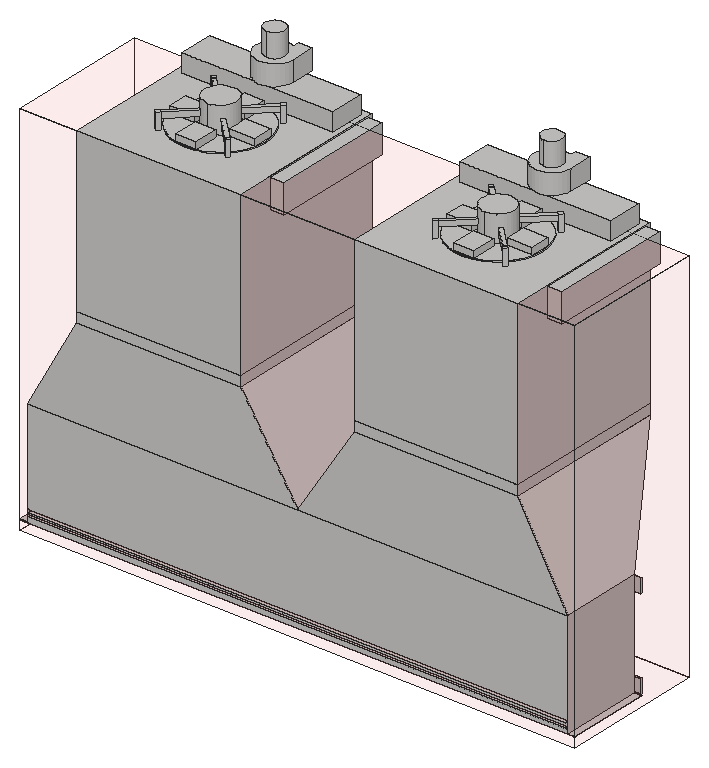
Revit family "Air-Curtain_Industrial_PoweredAire_Gas-Indirect-2Heater", category Mechanical Equipment, host Face, Revit 2022
Family settings
  Host = Face
  Round Connector Dimension = Use Diameter
  Part Type = Normal
  OmniClass Number = 23.75.35.17.21
  OmniClass Title = Air Curtains
  Cut with Voids When Loaded = No
  Maintain Annotation Orientation = No
  Shared = No
  Room Calculation Point = No
Parameters
  topbracket [instance] = Unit Height = 1' 4 3/4"  # yes
  Warranty Duration (Years) = 0
  Unit Width Notes = "Other Widths available."  # constant formula
  Unit Width = 9' - 3 5/32"
  Unit Weight = 0
  Unit Height = 1' - 4 3/4"
  Unit Depth = 1' - 9 1/4"
  URL = "http://www.poweredaire.com/"
  Test Data = ""
  Standards Conformance = "as Specified"
  Specification = "http://www.arcat.com/sdspecs/htm04/23_34_33pai.htm"
  SpecWizard = ""
  Sound Pressure = "as Specified"
  Sales Information = "http://www.poweredaire.com/contact_us"
  Revision = "R1_2016-08"
  Projection from Host [instance] = 0' - 2"
  Product Properties = ""
  Product Data = "http://www.arcat.com/arcatcos/cos47/arc47623.html"
  Power Rating = 0 W
  Piping_Operating Pressure [instance] = 0.00 psi
  Pipe OD [instance] = 5/8"
  Overall Depth = 6' - 1 3/4"
  Nozzle Width = if(1 = 1, Unit Width - 0' 3", 0' 0")  # 9' - 0 5/32"
  Mounting Width = if(1 = 1, Unit Width - 0' 1 1/2", 0' 0")  # 9' - 1 21/32"
  Mounting Height [instance] = 3' - 6"
  Motor RPM = 0
  Motor HP = 0
  Motor Count = 0
  Model = "As Specified"
  Max Height = 0' - 0"
  Manufacturer Website = "http://www.poweredaire.com/"
  Manufacturer Phone - Toll Free = "888-321-2473"
  Manufacturer Phone = "724-588-3305"
  Manufacturer Fax = "724-588-3371"
  Manufacturer Address = "109 Mortensen Rd.  Greenville, PA 16125"
  Manufacturer = "Powered Aire, Inc"
  Maintenance Schedule (Months) = 0
  Keynote = "23 34 33"
  Installation-Fabrication = ""
  Installation Phase = ""
  Include Clearance [instance] = yes
  Heating Element Load = 0 W
  Heater Weight = 0
  Heater Hanging Width = 2' - 6 5/8"
  Heater Finish [instance] = Metal - Steel - PoweredAire - Stainless 304
  HVAC_Temperature Rise = 0 °F
  HVAC_Primary CFM = 0 CFM
  HVAC_Outlet Volume = 0 CFM
  HVAC_Outlet Velocity Uniformity = 0
  HVAC_Outlet Velocity = 0 FPM
  HVAC_Exit Temperature [instance] = 0 °F
  HVAC_BTU Output = 0.0 Btu/h
  HVAC_BTU Input = 0.0 Btu/h
  Green Building-LEED = "http://www.arcat.com/green/clients/leed_data_47623.html"
  Gas Connection Diameter [instance] = 0"
  Frame Finish [instance] = Metal - Steel - PoweredAire - Stainless 304
  Expected Lifespan (Years) = 0
  Exhaust Connection Diameter = 0' - 5"
  Electrical_Wattage [instance] = Power Rating + Heating Element Load  # 0 W
  Electrical_Voltage [instance] = 0 V
  Electrical_Phase [instance] = 1
  Electrical_Frequency [instance] = 0 Hz
  Electrical_Amperage [instance] = 0 A
  Drawn By = "Sumex Design, Inc. / Robert S. Weygant, CSI, CDT, SCIP"
  Description = "Powered Aire Air Curtain as Specified"
  Default Elevation = 0' - 0"  # constant formula
  Copyright = "©Arcat Inc."
  Construction Details = "http://www.arcat.com/details/powair/prod3336.html"
  Clearance_Top [instance] = 1' - 0"
  Clearance_Side B [instance] = 0' - 0"
  Clearance_Side A [instance] = 0' - 0"
  Clearance_Intake [instance] = 0' - 0"
  Clearance_Bottom [instance] = 0' - 0"
  Clearance Material [instance] = ARCAT Clearance
  Building Codes = ""
  Available Options [instance] = "as Specified"
  Assembly Code = "D3090400"
Reference planes (in)
  plane 1 "Center (Elevation)": y = 0.13818
  plane 2: z = 0
  plane 3 "Center (Left/Right)": x = 0
  plane 4 "Top": y = 8.51318
  plane 5: y = -8.23682
  plane 6: x = -55.57812
  plane 7: x = 55.57813
  plane 8 "Front": z = 23.25
  plane 9 "FF": y = -41.86182
  plane 10: z = 2
  plane 11: x = 54.07813
  plane 12: x = -54.07812
  plane 13: y = 20.51318
  plane 14: y = -8.23682
  plane 15: x = -55.57812
  plane 16: x = 55.57813
  plane 17: z = 75.75
  plane 18: x = 54.01563
  plane 19: x = -54.01562
  plane 20: x = 54.07813
  plane 21: x = 54.07813
  plane 22: y = 6.01318
  plane 23: y = -5.73682
  plane 24: z = 75.75
  plane 25: z = 43.25
  plane 26: z = 41.25
  plane 27: x = -43.10156
  plane 28: x = -12.47656
  plane 29: x = -44.16406
  plane 30: x = -11.41406
  plane 31: x = 12.47656
  plane 32: x = 43.10156
  plane 33: x = 11.41406
  plane 34: x = 44.16406
  plane 35: x = -27.78906
  plane 36: x = 27.78906
Forms (in)
  Extrusion 1, solid, material "Metal - Steel - PoweredAire - Stainless 304" <- "Frame Finish"
    sketch origin (0, 0, 0) x (0, 1, 0) y (0, 0, 1)
      loop
        line (-8.23682, 2) -> (8.51318, 2) -> (8.51318, 23.25) -> (-8.23682, 23.25) -> (-8.23682, 2)
    from -54.07813 to 54.07812
  Extrusion 2, solid, material "ARCAT Clearance" <- "Clearance Material", visible <- "Include Clearance"
    sketch origin (0, 0, 0) x (0, 1, 0) y (0, 0, 1)
      loop
        line (-8.23682, 75.75) -> (-8.23682, 0) -> (20.51318, 0) -> (20.51318, 75.75) -> (-8.23682, 75.75)
    from -55.57812 to 55.57812
  Extrusion 3, solid, material "Metal - Steel - PoweredAire - Stainless 304" <- "Frame Finish"
    sketch origin (-15.17702, -180, 2) x (-1, 0, 0) y (0, -1, 0)
      loop
        line (-69.25515, -188.51318) -> (-69.25515, -171.76318) -> (-70.75515, -171.76318) -> (-70.75515, -188.51318) -> (-69.25515, -188.51318)
      loop
        line (38.9011, -188.51318) -> (40.4011, -188.51318) -> (40.4011, -171.76318) -> (38.9011, -171.76318) -> (38.9011, -188.51318)
    from 0 to 0.125
  Extrusion 4, solid, material "Metal - Steel - PoweredAire - Stainless 304" <- "Frame Finish", visible <- "topbracket"
    sketch origin (-11.83813, 8.51318, 48) x (-1, 0, 0) y (0, 0, 1)
      loop
        line (-65.91625, -45.5) -> (-65.91625, -42.75) -> (-67.41625, -42.75) -> (-67.41625, -45.5) -> (-65.91625, -45.5)
      loop
        line (-65.91625, -27.5) -> (-65.91625, -24.75) -> (-67.41625, -24.75) -> (-67.41625, -27.5) -> (-65.91625, -27.5)
      loop
        line (42.24, -45.5) -> (43.74, -45.5) -> (43.74, -42.75) -> (42.24, -42.75) -> (42.24, -45.5)
      loop
        line (42.24, -27.5) -> (43.74, -27.5) -> (43.74, -24.75) -> (42.24, -24.75) -> (42.24, -27.5)
    from 0 to -0.125
  Extrusion 5, void
    sketch origin (0, 0, 0) x (0, 1, 0) y (0, 0, 1)
      loop
        line (-8.23682, 3) -> (-7.23682, 3) -> (-7.23682, 4.5) -> (-8.23682, 4.5) -> (-8.23682, 3.82425) -> (-7.38364, 3.82425) -> (-7.38364, 3.57425) -> (-8.23682, 3.57425) -> (-8.23682, 3)
    from -54.01563 to 54.01562
  Blend 6, solid, material "Metal - Steel - PoweredAire - Stainless 304" <- "Frame Finish"
    base sketch origin (-15.17702, -180, 23.25) x (-1, 0, 0) y (0, -1, 0)
      loop
        line (38.9011, -188.51318) -> (38.9011, -171.76318) -> (-15.17702, -171.76318) -> (-15.17702, -188.51318) -> (38.9011, -188.51318)
    top sketch origin (-15.17702, -180, 23.25) x (-1, 0, 0) y (0, -1, 0)
      loop
        line (28.98704, -171.76318) -> (-3.76296, -171.76318) -> (-3.76296, -204.76318) -> (28.98704, -204.76318) -> (28.98704, -171.76318)
    from 0 to 18
  Blend 7, solid, material "Metal - Steel - PoweredAire - Stainless 304" <- "Frame Finish"
    base sketch origin (15.17702, -180, 23.25) x (1, 0, 0) y (0, 1, 0)
      loop
        line (38.9011, 188.51318) -> (-15.17702, 188.51318) -> (-15.17702, 171.76318) -> (38.9011, 171.76318) -> (38.9011, 188.51318)
    top sketch origin (15.17702, -180, 23.25) x (1, 0, 0) y (0, 1, 0)
      loop
        line (28.98704, 171.76318) -> (28.98704, 204.76318) -> (-3.76296, 204.76318) -> (-3.76296, 171.76318) -> (28.98704, 171.76318)
    from 0 to 18
Cuts and joins
  Extrusion 5 cuts Extrusion 1
Dimensions and locks (in)
  equal spacing: plane 4 "Top", plane 1 "Center (Elevation)", plane 5
  "Unit Height": plane 4 "Top" to plane 5
  "Unit Width": plane 6 to plane 7
  "Mounting Height": plane 1 "Center (Elevation)" to plane 9 "FF"
  "Projection from Host": plane 10 to level
  "Unit Depth": plane 8 "Front" to plane 10
  locked: plane 6 to plane 12 at 1.5
  locked: plane 11 to plane 7 at 1.5
  "Clearance_Side A": plane 7 to plane 16
  "Clearance_Side B": plane 15 to plane 6
  "Clearance_Top": plane 13 to plane 4 "Top"
  "Clearance_Bottom": plane 5 to plane 14
  "Clearance_Intake": plane 17 to plane 24
  Extrusion 5 sketch curve to Extrusion 5 sketch curve to Extrusion 5 sketch curve to Extrusion 5 sketch curve to plane 10 = 0' - 0.67575" locked, 0' - 0 1/4" locked, 0' - 0.57425" locked, 0' - 1" locked
  plane 5 to Extrusion 5 sketch curve to Extrusion 5 sketch curve = 0' - 0.85319" locked, 0' - 0.14681" locked
  locked: plane 19 to plane 12 at 0.0625
  locked: plane 11 to plane 18 at 0.0625
  locked: plane 20 to plane 11
  locked: plane 21 to plane 11
  locked: plane 4 "Top" to plane 22 at 2.5
  locked: plane 23 to plane 5 at 2.5
  "Overall Depth": plane 24 to plane 10
  locked: plane 25 to plane 26 at 2
  locked: plane 24 to plane 25 at 32.5
  locked: Blend 6 sketch curve to plane 5 at 33
  Extrusion 4 sketch curve to Extrusion 4 sketch curve to plane 10 = 0' - 2 3/4" locked, 0' - 0 1/2" locked  (x2)
  plane 8 "Front" to Extrusion 4 sketch curve to Extrusion 4 sketch curve = 0' - 0" locked, 0' - 2 3/4" locked  (x2)
  locked: plane 28 to plane 30 at 1.0625
  locked: plane 29 to plane 27 at 1.0625
  locked: plane 32 to plane 34 at 1.0625
  locked: plane 33 to plane 31 at 1.0625
  equal spacing: plane 6, plane 35, plane 3 "Center (Left/Right)", plane 36, plane 7
  equal spacing: plane 27, plane 35, plane 28
  "Heater Hanging Width": plane 27 to plane 28
  equal spacing: plane 31, plane 36, plane 32
  "Heater Hanging Width": plane 31 to plane 32
  locked: Blend 7 sketch curve to plane 5 at 33
  aligned and locked: plane 2 to host face
  aligned and locked: level to host face
  aligned and locked: Extrusion 2 sketch curve to plane 17
  aligned and locked: plane 14 to Extrusion 2 sketch curve
  aligned and locked: level to Extrusion 2 sketch curve
  aligned and locked: Extrusion 2 sketch curve to plane 13
  aligned and locked: plane 16 to Extrusion 2
  aligned and locked: Extrusion 2 to plane 15
  aligned and locked: plane 11 to Extrusion 1
  aligned and locked: Extrusion 1 to plane 12
  aligned and locked: Extrusion 1 sketch curve to plane 8 "Front"
  aligned and locked: plane 24 to nested 1
  aligned and locked: plane 5 to Blend 6 sketch curve
  aligned and locked: plane 12 to Blend 6 sketch curve
  aligned and locked: Blend 6 sketch curve to plane 4 "Top"
  aligned and locked: Blend 6 sketch curve to plane 5
  aligned and locked: plane 26 to Blend 6
  aligned and locked: plane 35 to nested 1
  aligned and locked: plane 36 to nested 2
  aligned and locked: plane 24 to nested 2
  aligned and locked: Blend 6 sketch curve to plane 3 "Center (Left/Right)"
  aligned and locked: Blend 6 sketch curve to plane 29
  aligned and locked: plane 30 to Blend 6 sketch curve
  aligned and locked: Blend 7 sketch curve to plane 5  (x2)
  aligned and locked: Blend 7 sketch curve to plane 3 "Center (Left/Right)"
  aligned and locked: plane 11 to Blend 7 sketch curve
  aligned and locked: Blend 7 sketch curve to plane 4 "Top"
  aligned and locked: plane 33 to Blend 7 sketch curve
  aligned and locked: Blend 7 sketch curve to plane 34
  aligned and locked: plane 18 to cut or joined group of Extrusion 1, Extrusion 5
  aligned and locked: cut or joined group of Extrusion 1, Extrusion 5 to plane 19
Automatic sketch dimensions
  host sketch curve to host sketch curve = 8' - 0"  (x2)
  Extrusion 1 sketch curve to plane 5 = 0' - 0"
  Extrusion 1 sketch curve to plane 4 "Top" = 0' - 0"
  Extrusion 1 sketch curve to plane 10 = 0' - 0"
  plane 4 "Top" to Extrusion 3 sketch curve = 0' - 0"
  Extrusion 3 sketch curve to plane 7 = 0' - 0"
  plane 5 to Extrusion 3 sketch curve = 0' - 0"
  Extrusion 3 sketch curve to plane 11 = 0' - 0"
  Extrusion 3 sketch curve to plane 4 "Top" = 0' - 0"
  Extrusion 3 sketch curve to plane 12 = 0' - 0"
  Extrusion 3 sketch curve to plane 6 = 0' - 0"
  Extrusion 3 sketch curve to plane 5 = 0' - 0"
  Extrusion 4 sketch curve to plane 7 = 0' - 0"  (x2)
  Extrusion 4 sketch curve to plane 11 = 0' - 0"  (x2)
  Extrusion 4 sketch curve to plane 12 = 0' - 0"  (x2)
  Extrusion 4 sketch curve to plane 6 = 0' - 0"  (x2)
  Extrusion 5 sketch curve to plane 5 = 0' - 0"  (x2)
Nested families (in)
  nested 1: "Heater" at (-27.78906, -8.23682, 43.2987) x (1, 0, 0) z (0, 1, 0), finish <- "Heater Finish", burner width <- "Heater Hanging Width", type "Heater"
    with finish Metal - Steel - PoweredAire - Stainless 304, burner width 2' - 6 5/8", Two Fan no, One Fan yes
  nested 2: "Heater" at (27.78906, -8.23682, 43.2987) x (1, 0, 0) z (0, 1, 0), finish <- "Heater Finish", burner width <- "Heater Hanging Width", type "Heater"
    with finish Metal - Steel - PoweredAire - Stainless 304, burner width 2' - 6 5/8", Two Fan no, One Fan yes
Connectors (in)
  electrical at (-54.07812, 0.13818, 12.625), driven by "Electrical_Voltage", driven by "Electrical_Phase"
    settings: on cut or joined group of Extrusion 1, Extrusion 5, index 3, voltage 0 V, apparent load 0 VA, apparent load phase1 0 VA, apparent load phase2 0 VA, apparent load phase3 0 VA, power factor 1, load classification "Motor", number of poles 1, system type 31, power factor state 1, is connector primary yes, connector utility no, sub classification motor no, connector description ""
  hvac at (-24.78906, 24.76318, 81.40625), driven by "Exhaust Connection Diameter", driven by "HVAC_Primary CFM"
    settings: on nested 1, index 4, duct flow 0 CFM, flow factor 0, pres drop 0.00 in-wg, loss coef 0, conn angle 0.00°, conn width 12", conn height 12", conn diameter 5", duct sys type 3, conn prof type 0, flow config 0, flow direction 2, loss method 0, conn ref index -1, conn util no, is conn primary yes, conn desc ""
  hvac at (30.78906, 24.76318, 81.40625), driven by "HVAC_Primary CFM", driven by "Exhaust Connection Diameter"
    settings: on nested 2, index 5, duct flow 0 CFM, flow factor 0, pres drop 0.00 in-wg, loss coef 0, conn angle 0.00°, conn width 12", conn height 12", conn diameter 5", duct sys type 3, conn prof type 0, flow config 0, flow direction 2, loss method 0, conn ref index -1, conn util no, is conn primary no, conn desc ""
Definition of nested family "Heater"
  Parameters
    finish [instance] = none
    burner width [instance] = 4' - 0 5/8"
    burner depth = 3' - 8 3/4"
    Two Fan [instance] = burner width > 4' 0"  # yes
    One Fan [instance] = burner width < 4' 0"  # no
    Default Elevation = 0' - 0"  # constant formula
  Reference planes (in)
    plane 1 "Center (Front/Back)": y = 0
    plane 2: z = 0
    plane 3 "Center (Left/Right)": x = 0
    plane 4: x = -25.375
    plane 5: x = 25.375
    plane 6: z = 33
    plane 7: y = -44.75
    plane 8: x = 3
    plane 9: x = 4.375
    plane 10: x = -12.6875
    plane 11: x = 12.6875
    plane 12: z = 15.5
    plane 13: x = -24.3125
    plane 14: x = 24.3125
  Forms (in)
    Extrusion 1, solid, material <- "finish"
      sketch origin (-74.94554, -3, 38.65968) x (0, 0, 1) y (1, 0, 0)
        loop
          line (-5.65968, 49.57054) -> (-5.65968, 100.32054) -> (-38.65968, 100.32054) -> (-38.65968, 49.57054) -> (-5.65968, 49.57054)
      from 3 to -29.4513
    Extrusion 2, solid, material <- "finish"
      sketch origin (0, 0, 0) x (0, 1, 0) y (0, 0, 1)
        loop
          line (2, 0) -> (2, 33) -> (0, 33) -> (0, 0) -> (2, 0)
      from -25.375 to 25.375
    Extrusion 3, solid, material <- "finish"
      sketch origin (-74.94554, -32.4513, 38.65968) x (0, 0, 1) y (1, 0, 0)
        loop
          line (-6.91591, 50.82971) -> (-6.91591, 99.10844) -> (-13.91591, 99.10844) -> (-13.91591, 50.82971) -> (-6.91591, 50.82971)
      from 0 to -3.625
    Extrusion 4, solid, material <- "finish"
      sketch origin (-74.94554, -36.0763, 38.65968) x (0, 0, 1) y (1, 0, 0)
        loop
          arc (-10.4052, 79.32054) -> (-12.67312, 72.60509) -> (-6.79809, 76.57054) r 3.74068
          line (-6.79809, 76.57054) -> (-5.65968, 76.57054) -> (-5.65968, 79.32054) -> (-10.4052, 79.32054)
      from 0 to -4.0625
    Extrusion 5, solid, material <- "finish"
      sketch origin (-73.58006, -40.1388, 35.52564) x (0, 0, -1) y (1, 0, 0)
        loop
          circle (7.27116, 74.21438) r 2
      from 4.6112 to 0
    Extrusion 6, solid, material <- "finish"
      sketch origin (0, 0, 0) x (1, 0, 0) y (0, 1, 0)
        loop
          line (28.3125, -32.4513) -> (28.3125, -26.7013) -> (25.3125, -26.7013) -> (25.3125, -32.4513) -> (28.3125, -32.4513)
      from 7.25 to 31.75
    Extrusion 7, solid, material <- "finish", visible <- "Two Fan"
      sketch origin (0, 0, 0) x (0, 1, 0) y (0, 0, 1)
        loop
          line (-32.4513, 6.22268) -> (-44.15658, 5.1986) -> (-44.15658, 4.4486) -> (-32.4513, 4.85736) -> (-32.4513, 6.22268)
      from -25.375 to 25.375
  Dimensions and locks (in)
    locked: Extrusion 4 sketch curve to Extrusion 4 sketch curve at 2.75
    "burner width": plane 13 to plane 14
    locked: plane 6 to level at 33
    "burner depth": plane 7 to plane 1 "Center (Front/Back)"
    locked: plane 8 to plane 9 at 1.375
    Extrusion 4 sketch curve to Extrusion 4 sketch curve to plane 8 = 0' - 0.99068" locked, 0' - 1 3/8" locked
    locked: Extrusion 5 sketch curve to plane 8 at 2.36568
    locked: plane 8 to plane 3 "Center (Left/Right)" at 3
    Extrusion 6 sketch curve to plane 5 to Extrusion 6 sketch curve = 0' - 0 1/16" locked, 0' - 2 15/16" locked
    equal spacing: plane 5, plane 11, plane 3 "Center (Left/Right)", plane 10, plane 4
    locked: plane 4 to plane 13 at 1.0625
    locked: plane 14 to plane 5 at 1.0625
    aligned and locked: plane 2 to level
    aligned: Extrusion 4 to Extrusion 5
    aligned: Extrusion 3 to Extrusion 2  (x2)
    aligned and locked: plane 7 to Extrusion 5
    aligned and locked: plane 4 to Extrusion 1 sketch curve
    aligned and locked: Extrusion 1 sketch curve to plane 5
    aligned and locked: Extrusion 7 to plane 4
    aligned and locked: plane 5 to Extrusion 7
    aligned and locked: plane 12 to nested 1
    aligned and locked: plane 3 "Center (Left/Right)" to nested 1
    aligned and locked: plane 12 to nested 3
    aligned and locked: plane 11 to nested 3
    aligned and locked: plane 10 to nested 2
    aligned and locked: plane 12 to nested 2
    aligned and locked: plane 5 to Extrusion 2
    aligned and locked: Extrusion 2 to plane 4
  Automatic sketch dimensions
    Extrusion 1 to Extrusion 3 sketch curve = 0' - 1.25917"
    Extrusion 1 to Extrusion 3 sketch curve = 0' - 8.25624"
    Extrusion 1 to Extrusion 3 sketch curve = 0' - 1.2121"
    Extrusion 1 to Extrusion 3 sketch curve = 0' - 1.25624"
    Extrusion 4 sketch curve to Extrusion 3 = 0' - 0.11782"
    Extrusion 4 sketch curve to Extrusion 3 = 0' - 1.25624"
    Extrusion 5 sketch curve to Extrusion 4 = 0' - 4.74552"
    Extrusion 1 sketch curve to level = 0' - 0"
    Extrusion 1 sketch curve to plane 6 = 0' - 0"
    Extrusion 2 sketch curve to level = 0' - 0"
    Extrusion 2 sketch curve to plane 1 "Center (Front/Back)" = 0' - 0"
    Extrusion 2 sketch curve to plane 6 = 0' - 0"
    Extrusion 2 sketch curve to Extrusion 2 sketch curve = 0' - 2"
    Extrusion 6 sketch curve to plane 7 = 1' - 0.2987"
    Extrusion 6 sketch curve to Extrusion 6 sketch curve = 0' - 5 3/4"
    Extrusion 7 sketch curve to plane 7 = 0' - 0.59342"
    level to Extrusion 7 sketch curve = 0' - 4.4486"
    Extrusion 7 sketch curve to Extrusion 7 sketch curve = 0' - 0 3/4"
    level to Extrusion 7 sketch curve = 0' - 4.85736"
    Extrusion 7 sketch curve to Extrusion 7 sketch curve = 0' - 11.70529"
    Extrusion 7 sketch curve to Extrusion 7 sketch curve = 0' - 1.36532"
    radius of Extrusion 5 sketch curve = 0' - 2"
  Nested families (in)
    nested 1: "FanControls" at (0, -32.4513, 15.5) x (1, 0, 0) z (0, -1, 0), finish <- "finish", visible <- "One Fan", type "FanControls"
      with finish none
    nested 2: "FanControls" at (-12.6875, -32.4513, 15.5) x (1, 0, 0) z (0, -1, 0), finish <- "finish", visible <- "Two Fan", type "FanControls"
      with finish none
    nested 3: "FanControls" at (12.6875, -32.4513, 15.5) x (1, 0, 0) z (0, -1, 0), finish <- "finish", visible <- "Two Fan", type "FanControls"
      with finish none
  Definition of nested family "FanControls"
    Parameters
      finish [instance] = none
      Default Elevation = 4' - 0"
    Reference planes (in)
      plane 1 "Center (Front/Back)": y = 0
      plane 2: z = 0
      plane 3 "Center (Left/Right)": x = 0
    Forms (in)
      Extrusion 1, solid, material <- "finish"
        sketch origin (-75.00804, 32.07233, 0) x (1, 0, 0) y (0, -1, 0)
          loop
            circle (75.00804, 32.07233) r 3.25
        from -5.33075 to 0
      Extrusion 2, solid, material <- "finish"
        sketch origin (24.44581, -78.06044, 0) x (1, 0, 0) y (0, -1, 0)
          loop
            line (-22.50831, -86.58776) -> (-22.50831, -81.58776) -> (-26.50831, -81.58776) -> (-26.50831, -86.58776) -> (-22.50831, -86.58776)
          loop
            line (-22.50831, -69.53312) -> (-26.50831, -69.53312) -> (-26.50831, -74.53312) -> (-22.50831, -74.53312) -> (-22.50831, -69.53312)
          loop
            line (-15.98099, -76.06044) -> (-20.98099, -76.06044) -> (-20.98099, -80.06044) -> (-15.98099, -80.06044) -> (-15.98099, -76.06044)
          loop
            line (-33.03563, -76.06044) -> (-33.03563, -80.06044) -> (-28.03563, -80.06044) -> (-28.03563, -76.06044) -> (-33.03563, -76.06044)
        from 0 to -1.37288
      Extrusion 3, solid, material <- "finish"
        sketch origin (-75.00804, 21.40968, 0) x (1, 0, 0) y (0, -1, 0)
          loop
            line (68.02536, 14.95733) -> (68.55569, 14.427) -> (75.00804, 20.87935) -> (81.46039, 14.427) -> (81.99072, 14.95733) -> (75.53837, 21.40968) -> (81.99072, 27.86203) -> (81.46039, 28.39236) -> (75.00804, 21.94001) -> (68.55569, 28.39236) -> (68.02536, 27.86203) -> (74.47771, 21.40968) -> (68.02536, 14.95733)
        from -3.1123 to -2
      Extrusion 4, solid, material <- "finish"
        sketch origin (-75.00804, 21.40968, 0) x (1, 0, 0) y (0, -1, 0)
          loop
            line (68.02536, 13.89667) -> (68.55569, 14.427) -> (68.02536, 14.95733) -> (67.49503, 14.427) -> (68.02536, 13.89667)
          loop
            line (82.52105, 14.427) -> (81.99072, 14.95733) -> (81.46039, 14.427) -> (81.99072, 13.89667) -> (82.52105, 14.427)
          loop
            line (81.99072, 28.92269) -> (81.46039, 28.39236) -> (81.99072, 27.86203) -> (82.52105, 28.39236) -> (81.99072, 28.92269)
          loop
            line (67.49503, 28.39236) -> (68.02536, 27.86203) -> (68.55569, 28.39236) -> (68.02536, 28.92269) -> (67.49503, 28.39236)
        from 0 to -3.1123
      Extrusion 5, solid, material <- "finish"
        sketch origin (0, 0, 0) x (1, 0, 0) y (0, 1, 0)
          loop
            circle (0, 0) r 9
        from 0 to 0.14961
    Dimensions and locks (in)
      Extrusion 4 sketch curve to Extrusion 4 sketch curve to Extrusion 4 sketch curve to Extrusion 4 sketch curve = 0' - 0.53033" locked, 0' - 0" locked, 0' - 0.53033" locked  (x4)
      Extrusion 3 sketch curve to Extrusion 3 sketch curve to Extrusion 3 sketch curve to Extrusion 3 sketch curve to Extrusion 3 sketch curve = 0' - 5.92202" locked, 0' - 0" locked, 0' - 0.53033" locked, 0' - 0" locked
      Extrusion 3 sketch curve to Extrusion 3 sketch curve to Extrusion 3 sketch curve to Extrusion 3 sketch curve to Extrusion 3 sketch curve = 0' - 0" locked, 0' - 0.53033" locked, 0' - 0" locked, 0' - 5.92202" locked
      locked: Extrusion 2 sketch curve to Extrusion 2 sketch curve at 5  (x2)
      aligned and locked: plane 2 to level
